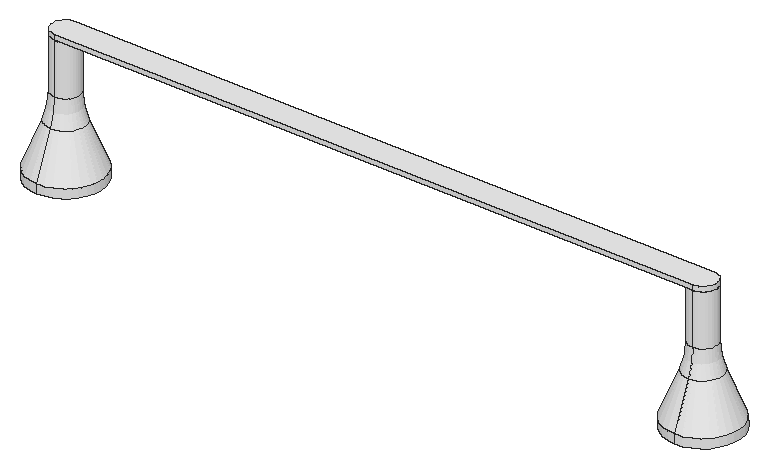
Revit family "Towel_Bar-American_Standard-Aspirations-70610XX_Series", category Specialty Equipment, host Face, Revit 2019
Family settings
  Host = Face
  Round Connector Dimension = Use Diameter
  Part Type = Normal
  OmniClass Number = 23.40.20.21.27
  OmniClass Title = Towel Bars
  Cut with Voids When Loaded = No
  Shared = Yes
  Room Calculation Point = No
Parameters (values of type "7061018.002")
  URL = "http://www.americanstandard-us.com"
  Type Comments = ""
  Model = "7061018.002"
  Material = "Metal-American Standard-002-Polished Chrome"
  Manufacturer = "American Standard"
  Length/2 = Length / 2  # 9"
  Length = 18"
  Installation Type = "Wall Mounted"
  Finish = Metal-American Standard-002-Polished Chrome
  Description = "Aspirations 18-inch Towel Bar"
  Default Elevation = 40"
  Creation Date = "04/26/2023"  # constant formula
  Assembly Code = "C1030220"
Types (7): name | Model | Material | Length/2 | Length | Finish | Description
  (no name) | "7061018.002" | "Metal-American Standard-002-Polished Chrome" | 9" | 18" | Metal-American Standard-002-Polished Chrome | "Aspirations 18-inch Towel Bar"
  7061018.002 | "7061018.002" | "Metal-American Standard-002-Polished Chrome" | 9" | 18" | Metal-American Standard-002-Polished Chrome | "Aspirations 18-inch Towel Bar"
  7061018.295 | "7061018.295" | "Metal-American Standard-295-Brushed Nickel" | 9" | 18" | Metal-American Standard-295-Brushed Nickel | "Aspirations 18-inch Towel Bar"
  7061018.243 | "7061018.243" | "Metal-American Standard-243-Matte Black" | 9" | 18" | Metal-American Standard-243-Matte Black | "Aspirations 18-inch Towel Bar"
  7061024.002 | "7061024.002" | "Metal-American Standard-002-Polished Chrome" | 12" | 24" | Metal-American Standard-002-Polished Chrome | "Aspirations 24-inch Towel Bar"
  7061024.243 | "7061024.243" | "Metal-American Standard-243-Matte Black" | 12" | 24" | Metal-American Standard-243-Matte Black | "Aspirations 24-inch Towel Bar"
  7061024.295 | "7061024.295" | "Metal-American Standard-295-Brushed Nickel" | 12" | 24" | Metal-American Standard-295-Brushed Nickel | "Aspirations 24-inch Towel Bar"
Reference planes (in)
  plane 1 "Center (Front/Back)": y = 0
  plane 2: z = 0
  plane 3 "Center (Left/Right)": x = 0
  plane 4 "Floor Level": y = -40
  plane 5: y = -1
  plane 6: y = 1
  plane 7: z = 3.75
  plane 8: z = 3.625
  plane 9: x = -9
  plane 10: x = 9
Forms (in)
  Revolve 1, solid, material "Metal-American Standard-002-Polished Chrome" <- "Finish"
    sketch origin (9, 29.80523, 0) x (0, -1, 0) y (0, 0, 1)
      loop
        line (29.80523, 0) -> (29.80523, 3.6875) -> (29.51125, 3.6875)
        arc (29.51125, 3.6875) -> (29.45354, 3.6636) -> (29.42964, 3.60589) r 0.08161
        line (29.42964, 3.60589) -> (29.42964, 2.1782)
        arc (29.42964, 2.1782) -> (29.39346, 1.80248) -> (29.28625, 1.44057) r 1.9691
        line (29.28625, 1.44057) -> (28.80523, 0.25) -> (28.80523, 0) -> (29.80523, 0)
      axis (29.80523, 3.6875) -> (29.80523, 0)
    angle from 0 to 360
  Extrusion 2, solid, material "Metal-American Standard-002-Polished Chrome" <- "Finish"
    sketch origin (0, 0, 0) x (1, 0, 0) y (0, 1, 0)
      loop
        arc (-9, 0.37715) -> (-9.37715, 0) -> (-9, -0.37715) r 0.37715
        line (-9, -0.37715) -> (9, -0.37715)
        arc (9, -0.37715) -> (9.37715, 0) -> (9, 0.37715) r 0.37715
        line (9, 0.37715) -> (-9, 0.37715)
    from 3.625 to 3.75
  Revolve 3, solid, material "Metal-American Standard-002-Polished Chrome" <- "Finish"
    sketch origin (-9, 29.80523, 0) x (0, -1, 0) y (0, 0, -1)
      loop
        line (29.80523, 0) -> (28.80523, 0) -> (28.80523, -0.25) -> (29.28625, -1.44057)
        arc (29.28625, -1.44057) -> (29.39346, -1.80248) -> (29.42964, -2.1782) r 1.9691
        line (29.42964, -2.1782) -> (29.42964, -3.60589)
        arc (29.42964, -3.60589) -> (29.45354, -3.6636) -> (29.51125, -3.6875) r 0.08161
        line (29.51125, -3.6875) -> (29.80523, -3.6875) -> (29.80523, 0)
      axis (29.80523, -3.6875) -> (29.80523, 0)
    angle from 0 to 360
Lines and regions (in)
  Masking region 1
    outline origin (0, 0, 0) x (1, 0, 0) y (0, 0, 1)
      loop
        line (8, 0) -> (10, 0) -> (10, 0.25) -> (9.37231, 1.80359) -> (9.37231, 3.75) -> (-9.37231, 3.75) -> (-9.37231, 1.80359) -> (-10, 0.25) -> (-10, 0) -> (-8, 0) -> (-8, 0.25) -> (-8.62769, 1.80359) -> (-8.62769, 3.625) -> (8.62769, 3.625) -> (8.62769, 1.80359) -> (8, 0.25) -> (8, 0)
  symbolic lines, detail levels fine
    curve 1: line (-9.37715, 0, 3.625) -> (9.37715, 0, 3.625)
  symbolic lines, detail levels medium+fine
    curve 2: line (-8, 0, 0.25) -> (-10, 0, 0.25)
    curve 3: line (10, 0, 0.25) -> (8, 0, 0.25)
Dimensions and locks (in)
  "Default Elevation": plane 4 "Floor Level" to plane 1 "Center (Front/Back)"
  equal spacing: plane 5, plane 1 "Center (Front/Back)", plane 6
  plane 5 to plane 6 = 2"
  plane 7 to host face = 3 3/4"
  Extrusion 2 sketch curve to plane 1 "Center (Front/Back)" to Extrusion 2 sketch curve = 0.37715" locked, 0.37715" locked
  locked: plane 7 to plane 8 at 0.125
  equal spacing: plane 7, Revolve 1 sketch curve, Extrusion 2
  equal spacing: plane 9, plane 3 "Center (Left/Right)", plane 10
  "Length/2": plane 3 "Center (Left/Right)" to plane 10
  Revolve 1 sketch curve to Revolve 1 sketch curve to Revolve 1 sketch curve to Revolve 1 sketch curve to Revolve 1 sketch curve to Revolve 1 sketch curve = 0.29399" locked, 0.08161" locked, 0" locked, 0.14338" locked, 0.48102" locked
  Masking region 1 sketch curve to plane 10 to Masking region 1 sketch curve = 1" locked, 1" locked
  Masking region 1 sketch curve to plane 10 to Masking region 1 sketch curve = 0.37231" locked, 0.37231" locked
  Masking region 1 sketch curve to plane 9 to Masking region 1 sketch curve = 0.37231" locked, 0.37231" locked
  Masking region 1 sketch curve to plane 9 to Masking region 1 sketch curve = 1" locked, 1" locked
  Revolve 3 sketch curve to Revolve 3 sketch curve to Revolve 3 sketch curve to Revolve 3 sketch curve to Revolve 3 sketch curve to Revolve 3 sketch curve = 0.29399" locked, 0.08161" locked, 0" locked, 0.14338" locked, 0.48102" locked
  equal spacing: plane 7, Revolve 3 sketch curve, plane 8
  aligned and locked: plane 2 to host face
  aligned and locked: level to host face
  aligned and locked: Extrusion 2 to plane 8
  aligned and locked: plane 7 to Extrusion 2
  aligned and locked: plane 10 to Extrusion 2 sketch curve
  aligned and locked: plane 9 to Extrusion 2 sketch curve
  aligned and locked: plane 10 to Revolve 1
  aligned and locked: Revolve 1 sketch curve to host face
  aligned and locked: plane 1 "Center (Front/Back)" to Revolve 1 sketch curve  (x2)
  aligned and locked: Masking region 1 sketch curve to Revolve 1
  aligned and locked: curve 2 to Masking region 1
  aligned and locked: Masking region 1 to curve 2
  aligned and locked: curve 3 to Masking region 1
  aligned and locked: Masking region 1 to curve 3
  aligned and locked: plane 9 to Revolve 3
  aligned and locked: Revolve 3 sketch curve to host face
Automatic sketch dimensions
  curve 1 to plane 8 = 0"
  curve 1 to plane 9 = 0.37715"
  curve 1 to plane 10 = 0.37715"
  level to curve 3 = 1/4"
  level to curve 2 = 1/4"
  host sketch curve to host sketch curve = 96"  (x2)
  Revolve 1 sketch curve to plane 6 = 1.34469"
  level to Revolve 1 sketch curve = 1/4"
  Revolve 1 sketch curve to Revolve 1 sketch curve = 1.19057"
  Revolve 1 sketch curve to Revolve 1 sketch curve = 5 3/4"
  plane 7 to Revolve 1 sketch curve = 3 3/4"
  Masking region 1 sketch curve to level = 0"
  Masking region 1 sketch curve to plane 8 = 0"
  Masking region 1 sketch curve to plane 7 = 0"
  Masking region 1 sketch curve to Masking region 1 sketch curve = 1/4"  (x4)
  Masking region 1 sketch curve to Masking region 1 sketch curve = 1.55359"  (x2)
  Masking region 1 sketch curve to Masking region 1 sketch curve = 0"  (x2)
  Revolve 3 sketch curve to plane 6 = 0"
  Revolve 3 sketch curve to plane 1 "Center (Front/Back)" = 0"
  Revolve 3 sketch curve to plane 6 = 1.34469"
  level to Revolve 3 sketch curve = 1/4"
  Revolve 3 sketch curve to Revolve 3 sketch curve = 1.19057"
  plane 7 to Revolve 3 sketch curve = 3 3/4"
  Revolve 3 sketch curve to level = 5 3/4"
  Revolve 3 sketch curve to plane 7 = 1/16"
